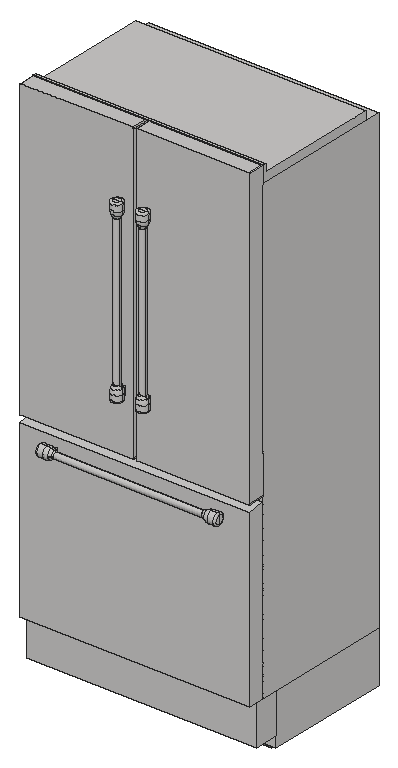
Revit family "DRF367500AP", category Specialty Equipment, Revit 2014
Parameters (values of type "DRF367500AP")
  iQ RemoteView™ Camera = "No"
  Width = 35 3/4"
  Volts (V) = "115"
  Unit = Stainless Steel
  Total Unit Gross Capacity (cu.ft.) - AHAM = "21.3 cu. ft."
  Support = Plastic-Black
  Special Modes = "Sabbath Mode"
  Shelf Material - Refrigerator = "Tempered Glass Shelves w/Metal Trim"
  Refrigerator Gross Capacity (cu.ft.) = "14.5 cu. ft."
  Refrigerator - Power Cool = "34°(1°)"
  Refrigerator = "34°(1°) to 44°(7°)"
  Push-To-Open™ Door Assist = "No"
  Precise Cooling = "Frost-Free"
  Power Cord Length (in.) = "78 3/4"
  Power Cool - Refrigerator = "Yes"
  Plug Type = "120 V, 3 Prong"
  Panel Ready = "Yes"
  Model = "DRF367500AP"
  Manufacturer = "Dacor"
  Lighting = "3DLighting™"
  Internal Water Dispenser = "Yes"
  Interior Material = "SteelCool™ Stainless Steel Interior"
  Icemaker = "Dual Icemaker for Standard and Cocktail Ice™"
  Height = 83 3/8"
  Handle = Stainless Steel
  Full Width Shelves - Refrigerator = "2 ea"
  Full Extension Drawers at 90º Door Opening Angle = "Yes"
  FreshZone™ Drawer = "Yes - Cheese (37°) / Cold Drinks (33°) / Meat (29°)"
  Frequency (Hz) = "60"
  Freezer Gross Capacity (cu.ft.) = "6.8 cu. ft."
  Freezer Drawers = "2 ea"
  Feezer - Power Freeze = "-8°(-23°)"
  Feezer = "5°(-15°) to -8° (-23°)"
  ENERGY STAR® Qualified = "Yes"
  Double Cooling (2 evaporators, 1 compressor) = "Yes"
  Door Open Alarm = "Yes"
  Door Bins -Refrigerator = "6 ea"
  Door = Stainless Steel
  Description = "36-INCH FRENCH DOOR BOTTOM FREEZER"
  Depth = 25"
  Deodorizing Filter = "Yes"
  Defrost Process - Freezer = "Yes"
  Current (A) = "6.0"
  Crisper Drawers = "2 ea"
  Annual Energy Consumption = "549 kWh/year"
  Adjustable Shelves - Refrigerator = "2 ea"
Reference planes (in)
  plane 1 "Center (Front/Back)": y = 0
  plane 2: z = 0
  plane 3 "Center (Left/Right)": x = 0
  plane 4: y = 12.5
  plane 5: y = -12.5
  plane 6: x = -17.875
  plane 7: x = 17.875
  plane 8: z = 83.375
  plane 9: y = -10
  plane 10: y = -14.375
  plane 11: z = 80.75
  plane 12: z = 1
  plane 13: z = 9
  plane 14: z = 36
  plane 15: z = 37.125
Forms (in)
  Extrusion 1, solid, material "Stainless Steel" <- "Unit"
    sketch origin (0, 0, 0) x (1, 0, 0) y (0, 1, 0)
      loop
        line (-17.875, -10) -> (-17.125, -10) -> (-17.125, 11.75) -> (17.125, 11.75) -> (17.125, -10) -> (17.875, -10) -> (17.875, 12.5) -> (-17.875, 12.5) -> (-17.875, -10)
    from 9 to 80.75
  Extrusion 2, solid, material "Stainless Steel" <- "Door"
    sketch origin (0, 0, 0) x (1, 0, 0) y (0, 1, 0)
      loop
        line (-17.875, -10) -> (-17.875, -12.5) -> (17.875, -12.5) -> (17.875, -10) -> (-17.875, -10)
    from 9 to 36
  Extrusion 3, solid, material "Stainless Steel" <- "Door"
    sketch origin (0, 0, 0) x (1, 0, 0) y (0, 0, 1)
      loop
        arc (-17.76329, 83.375) -> (-17.84228, 83.34228) -> (-17.875, 83.26329) r 0.11171
        line (-17.875, 83.26329) -> (-17.875, 37.23828)
        arc (-17.875, 37.23828) -> (-17.84182, 37.15818) -> (-17.76172, 37.125) r 0.11328
        line (-17.76172, 37.125) -> (-0.36017, 37.125)
        arc (-0.36017, 37.125) -> (-0.28007, 37.15818) -> (-0.24689, 37.23828) r 0.11328
        line (-0.24689, 37.23828) -> (-0.24689, 83.26172)
        arc (-0.24689, 83.26172) -> (-0.28007, 83.34182) -> (-0.36017, 83.375) r 0.11328
        line (-0.36017, 83.375) -> (-17.76329, 83.375)
      loop
        line (17.76172, 83.375) -> (0.36639, 83.375)
        arc (0.36639, 83.375) -> (0.28629, 83.34182) -> (0.25311, 83.26172) r 0.11328
        line (0.25311, 83.26172) -> (0.25311, 37.23828)
        arc (0.25311, 37.23828) -> (0.28629, 37.15818) -> (0.36639, 37.125) r 0.11328
        line (0.36639, 37.125) -> (17.76172, 37.125)
        arc (17.76172, 37.125) -> (17.84182, 37.15818) -> (17.875, 37.23828) r 0.11328
        line (17.875, 37.23828) -> (17.875, 83.26172)
        arc (17.875, 83.26172) -> (17.84182, 83.34182) -> (17.76172, 83.375) r 0.11328
    from 10 to 12.5
  Extrusion 4, solid, material "Stainless Steel" <- "Door"
    sketch origin (0, 0, 0) x (0, 1, 0) y (0, 0, 1)
      loop
        line (-12.5, 36) -> (-10, 36) -> (-10, 36.44082) -> (-12.5, 36)
    from -17.875 to 17.875
  Extrusion 5, solid, material "Stainless Steel" <- "Unit"
    sketch origin (0, 0, 0) x (0, 1, 0) y (0, 0, 1)
      loop
        line (-11.25, 9) -> (-11.25, 2.75) -> (-7.5, 2.75) -> (-7.5, 9) -> (-11.25, 9)
    from -17.875 to 17.875
  Extrusion 6, solid, material "Stainless Steel" <- "Unit"
    sketch origin (0, 0, 0) x (0, 1, 0) y (0, 0, 1)
      loop
        line (12.5, 9) -> (-7.5, 9) -> (-7.5, 1) -> (12.5, 1) -> (12.5, 9)
    from -17.875 to 17.875
  Extrusion 7, solid, material "Stainless Steel" <- "Unit"
    sketch origin (0, 0, 80.75) x (1, 0, 0) y (0, 1, 0)
      loop
        line (-17.125, 11.75) -> (-17.125, -10) -> (17.125, -10) -> (17.125, 11.75) -> (-17.125, 11.75)
    from 0 to -1.33266
  Extrusion 8, solid, material "Stainless Steel" <- "Unit"
    sketch origin (0, 0, 0) x (0, 1, 0) y (0, 0, 1)
      loop
        line (-10, 80.75) -> (10, 80.75) -> (10, 82.25) -> (-9.5, 82.25) -> (-9.5, 83.375) -> (-10, 83.375) -> (-10, 80.75)
    from -17.875 to 17.875
  Revolve 9, solid, material "Stainless Steel" <- "Handle"
    sketch origin (0, -13.5, -4.5) x (1, 0, 0) y (0, 0, 1)
      loop
        line (-2.0006, 77.58602) -> (-2.0006, 75.08602) -> (-1.84902, 75.08602)
        arc (-1.84902, 75.08602) -> (-1.62864, 75.15026) -> (-1.47729, 75.32284) r 0.41016
        line (-1.47729, 75.32284) -> (-1.27086, 75.76553)
        arc (-1.27086, 75.76553) -> (-1.15922, 76.0944) -> (-1.12141, 76.43964) r 1.59509
        line (-1.12141, 76.43964) -> (-1.12141, 77.33602)
        arc (-1.12141, 77.33602) -> (-1.19463, 77.5128) -> (-1.37141, 77.58602) r 0.25
        line (-1.37141, 77.58602) -> (-2.0006, 77.58602)
      axis (-2.0006, 75.08602) -> (-2.0006, 77.58602)
    angle from 0 to 360
  Revolve 10, solid, material "Stainless Steel" <- "Handle"
    sketch origin (0, -13.5, 122.75) x (1, 0, 0) y (0, 0, 1)
      loop
        line (-2.0006, -77.58602) -> (-1.37141, -77.58602)
        arc (-1.37141, -77.58602) -> (-1.19463, -77.5128) -> (-1.12141, -77.33602) r 0.25
        line (-1.12141, -77.33602) -> (-1.12141, -76.43964)
        arc (-1.12141, -76.43964) -> (-1.15922, -76.0944) -> (-1.27086, -75.76553) r 1.59509
        line (-1.27086, -75.76553) -> (-1.47729, -75.32284)
        arc (-1.47729, -75.32284) -> (-1.62864, -75.15026) -> (-1.84902, -75.08602) r 0.41016
        line (-1.84902, -75.08602) -> (-2.0006, -75.08602) -> (-2.0006, -77.58602)
      axis (-2.0006, -75.08602) -> (-2.0006, -77.58602)
    angle from 0 to 360
  Extrusion 11, solid, material "Stainless Steel" <- "Handle"
    sketch origin (0, -0.25, 0) x (1, 0, 0) y (0, 1, 0)
      loop
        circle (-2.00817, -13.25625) r 0.46319
    from 46.82613 to 71.63397
  Extrusion 12, solid, material "Stainless Steel" <- "Handle"
    sketch origin (0, 0, 0) x (1, 0, 0) y (0, 0, 1)
      loop
        line (-2.3604, 72.63576) -> (-2.3604, 71.13576) -> (-1.70334, 71.13576) -> (-1.70334, 72.63576) -> (-2.3604, 72.63576)
      loop
        line (-2.37295, 46.94841) -> (-2.37295, 45.44841) -> (-1.62295, 45.44841) -> (-1.62295, 46.94841) -> (-2.37295, 46.94841)
    from 11.84433 to 13.25
  Revolve 13, solid, material "Stainless Steel" <- "Handle"
    sketch origin (0, -13.5, -4.5) x (-1, 0, 0) y (0, 0, -1)
      loop
        line (-2.0006, -77.58602) -> (-1.37141, -77.58602)
        arc (-1.37141, -77.58602) -> (-1.19463, -77.5128) -> (-1.12141, -77.33602) r 0.25
        line (-1.12141, -77.33602) -> (-1.12141, -76.43964)
        arc (-1.12141, -76.43964) -> (-1.15922, -76.0944) -> (-1.27086, -75.76553) r 1.59509
        line (-1.27086, -75.76553) -> (-1.47729, -75.32284)
        arc (-1.47729, -75.32284) -> (-1.62864, -75.15026) -> (-1.84902, -75.08602) r 0.41016
        line (-1.84902, -75.08602) -> (-2.0006, -75.08602) -> (-2.0006, -77.58602)
      axis (-2.0006, -75.08602) -> (-2.0006, -77.58602)
    angle from 0 to 360
  Revolve 14, solid, material "Stainless Steel" <- "Handle"
    sketch origin (0, -13.5, 122.75) x (-1, 0, 0) y (0, 0, -1)
      loop
        line (-2.0006, 77.58602) -> (-2.0006, 75.08602) -> (-1.84902, 75.08602)
        arc (-1.84902, 75.08602) -> (-1.62864, 75.15026) -> (-1.47729, 75.32284) r 0.41016
        line (-1.47729, 75.32284) -> (-1.27086, 75.76553)
        arc (-1.27086, 75.76553) -> (-1.15922, 76.0944) -> (-1.12141, 76.43964) r 1.59509
        line (-1.12141, 76.43964) -> (-1.12141, 77.33602)
        arc (-1.12141, 77.33602) -> (-1.19463, 77.5128) -> (-1.37141, 77.58602) r 0.25
        line (-1.37141, 77.58602) -> (-2.0006, 77.58602)
      axis (-2.0006, 75.08602) -> (-2.0006, 77.58602)
    angle from 0 to 360
  Extrusion 15, solid, material "Stainless Steel" <- "Handle"
    sketch origin (0, -0.25, 0) x (-1, 0, 0) y (0, -1, 0)
      loop
        circle (-2.00817, 13.25625) r 0.46319
    from 46.82613 to 71.63397
  Extrusion 16, solid, material "Stainless Steel" <- "Handle"
    sketch origin (0, 0, 0) x (-1, 0, 0) y (0, 0, -1)
      loop
        line (-2.3604, -72.63576) -> (-1.70334, -72.63576) -> (-1.70334, -71.13576) -> (-2.3604, -71.13576) -> (-2.3604, -72.63576)
      loop
        line (-2.37295, -46.94841) -> (-1.62295, -46.94841) -> (-1.62295, -45.44841) -> (-2.37295, -45.44841) -> (-2.37295, -46.94841)
    from 11.84433 to 13.25
  Revolve 17, solid, material "Stainless Steel" <- "Handle"
    sketch origin (-63.67074, -13.5, 36.1256) x (0, 0, 1) y (-1, 0, 0)
      loop
        line (-2.0006, -77.58602) -> (-1.37141, -77.58602)
        arc (-1.37141, -77.58602) -> (-1.19463, -77.5128) -> (-1.12141, -77.33602) r 0.25
        line (-1.12141, -77.33602) -> (-1.12141, -76.43964)
        arc (-1.12141, -76.43964) -> (-1.15922, -76.0944) -> (-1.27086, -75.76553) r 1.59509
        line (-1.27086, -75.76553) -> (-1.47729, -75.32284)
        arc (-1.47729, -75.32284) -> (-1.62864, -75.15026) -> (-1.84902, -75.08602) r 0.41016
        line (-1.84902, -75.08602) -> (-2.0006, -75.08602) -> (-2.0006, -77.58602)
      axis (-2.0006, -75.08602) -> (-2.0006, -77.58602)
    angle from 0 to 360
  Revolve 18, solid, material "Stainless Steel" <- "Handle"
    sketch origin (63.57926, -13.5, 36.1256) x (0, 0, 1) y (-1, 0, 0)
      loop
        line (-2.0006, 77.58602) -> (-2.0006, 75.08602) -> (-1.84902, 75.08602)
        arc (-1.84902, 75.08602) -> (-1.62864, 75.15026) -> (-1.47729, 75.32284) r 0.41016
        line (-1.47729, 75.32284) -> (-1.27086, 75.76553)
        arc (-1.27086, 75.76553) -> (-1.15922, 76.0944) -> (-1.12141, 76.43964) r 1.59509
        line (-1.12141, 76.43964) -> (-1.12141, 77.33602)
        arc (-1.12141, 77.33602) -> (-1.19463, 77.5128) -> (-1.37141, 77.58602) r 0.25
        line (-1.37141, 77.58602) -> (-2.0006, 77.58602)
      axis (-2.0006, 75.08602) -> (-2.0006, 77.58602)
    angle from 0 to 360
  Extrusion 19, solid, material "Stainless Steel" <- "Handle"
    sketch origin (-59.17074, -0.25, 36.1256) x (0, 0, 1) y (0, -1, 0)
      loop
        circle (-2.00817, 13.25625) r 0.46319
    from 46.82613 to 71.63397
  Extrusion 20, solid, material "Stainless Steel" <- "Handle"
    sketch origin (-59.17074, 0, 36.1256) x (0, 0, 1) y (-1, 0, 0)
      loop
        line (-2.3604, -72.63576) -> (-1.70334, -72.63576) -> (-1.70334, -71.13576) -> (-2.3604, -71.13576) -> (-2.3604, -72.63576)
      loop
        line (-2.37295, -46.94841) -> (-1.62295, -46.94841) -> (-1.62295, -45.44841) -> (-2.37295, -45.44841) -> (-2.37295, -46.94841)
    from 11.84433 to 13.25
  Extrusion 21, solid, material "Plastic-Black" <- "Support"
    sketch origin (0, 0, 0) x (1, 0, 0) y (0, 1, 0)
      loop
        line (-16.34892, 10.88744) -> (-16.34892, 6.88744) -> (-12.34892, 6.88744) -> (-12.34892, 10.88744) -> (-16.34892, 10.88744)
      loop
        line (16.34892, 10.88744) -> (12.34892, 10.88744) -> (12.34892, 6.88744) -> (16.34892, 6.88744) -> (16.34892, 10.88744)
      loop
        line (16.34892, -6.38744) -> (16.34892, -2.38744) -> (12.34892, -2.38744) -> (12.34892, -6.38744) -> (16.34892, -6.38744)
      loop
        line (-16.34892, -6.38744) -> (-12.34892, -6.38744) -> (-12.34892, -2.38744) -> (-16.34892, -2.38744) -> (-16.34892, -6.38744)
    from 0 to 1
Cuts and joins
  joined: Extrusion 2, Extrusion 4
  joined: Extrusion 1, Extrusion 7
  joined: Revolve 9, Revolve 10, Extrusion 12
Dimensions and locks (in)
  equal spacing: plane 6, plane 3 "Center (Left/Right)", plane 7
  "Width": plane 6 to plane 7
  equal spacing: plane 4, plane 1 "Center (Front/Back)", plane 5
  "Depth": plane 4 to plane 5
  "Height": plane 8 to plane 2
  plane 4 to plane 9 = 22 1/2"
  plane 5 to plane 10 = 1 7/8"
  locked: plane 11 to plane 12 at 79.75
  plane 13 to plane 12 = 8"
  plane 12 to plane 13 = 8"
  plane 14 to plane 13 = 27"
  plane 15 to plane 14 = 1 1/8"
  Extrusion 8 to Extrusion 8 = 35 3/4"
  cut or joined group of Extrusion 2, Extrusion 4 to Extrusion 6 = 25"
  Extrusion 3 to Extrusion 21 = 83 3/8"
  aligned and locked: level to plane 2
Automatic sketch dimensions
  Extrusion 1 sketch curve to plane 6 = 0"
  Extrusion 1 sketch curve to plane 9 = 0"  (x2)
  Extrusion 1 sketch curve to plane 7 = 0"
  Extrusion 1 sketch curve to plane 4 = 0"
  Extrusion 1 sketch curve to Extrusion 1 sketch curve = 3/4"
  Extrusion 1 sketch curve to plane 7 = 3/4"
  Extrusion 1 sketch curve to plane 4 = 3/4"
  Extrusion 2 sketch curve to plane 5 = 0"
  Extrusion 2 sketch curve to plane 6 = 0"
  Extrusion 2 sketch curve to plane 7 = 0"
  Extrusion 2 sketch curve to plane 9 = 0"
  Extrusion 3 sketch curve to plane 6 = 0"
  Extrusion 3 sketch curve to plane 8 = 0"  (x2)
  Extrusion 3 sketch curve to plane 15 = 0"  (x2)
  Extrusion 3 sketch curve to plane 7 = 0"
  plane 6 to Extrusion 3 sketch curve = 0.11171"
  Extrusion 3 sketch curve to Extrusion 3 sketch curve = 29/256"  (x4)
  Extrusion 3 sketch curve to plane 3 "Center (Left/Right)" = 0.36017"  (x2)
  plane 15 to Extrusion 3 sketch curve = 29/256"
  plane 3 "Center (Left/Right)" to Extrusion 3 sketch curve = 0.25311"
  Extrusion 3 sketch curve to plane 7 = 29/256"
  Extrusion 5 sketch curve to plane 13 = 0"
  plane 5 to Extrusion 5 sketch curve = 1 1/4"
  plane 9 to Extrusion 5 sketch curve = 2 1/2"
  plane 12 to Extrusion 5 sketch curve = 1 3/4"
  Extrusion 6 sketch curve to plane 13 = 0"
  Extrusion 6 sketch curve to plane 12 = 0"
  Extrusion 6 sketch curve to plane 4 = 0"
  plane 9 to Extrusion 6 sketch curve = 2 1/2"
  Extrusion 1 to Extrusion 7 sketch curve = 0"  (x2)
  Extrusion 7 sketch curve to Extrusion 1 = 0"  (x2)
  Revolve 9 sketch curve to plane 3 "Center (Left/Right)" = 2.71649"
  Revolve 9 sketch curve to Revolve 9 sketch curve = 0.71589"  (x2)
  Revolve 9 sketch curve to Revolve 9 sketch curve = 0.15159"
  Revolve 9 sketch curve to Revolve 9 sketch curve = 0.37173"
  Revolve 9 sketch curve to Revolve 9 sketch curve = 0.62919"
  Revolve 9 sketch curve to Revolve 9 sketch curve = 0.20643"
  Revolve 9 sketch curve to Revolve 9 sketch curve = 0.14945"
  Revolve 9 sketch curve to plane 11 = 10.16398"
  Revolve 9 sketch curve to Revolve 9 sketch curve = 0.23682"
  Revolve 9 sketch curve to Revolve 9 sketch curve = 0.44269"
  Revolve 9 sketch curve to Revolve 9 sketch curve = 0.89638"
  Revolve 9 sketch curve to Revolve 9 sketch curve = 0.14638"
  Revolve 9 sketch curve to Revolve 9 sketch curve = 0.43406"
  Revolve 10 sketch curve to plane 3 "Center (Left/Right)" = 2.71649"
  Revolve 10 sketch curve to Revolve 10 sketch curve = 0.71589"  (x2)
  Revolve 10 sketch curve to Revolve 10 sketch curve = 0.15159"
  Revolve 10 sketch curve to Revolve 10 sketch curve = 0.37173"
  Revolve 10 sketch curve to Revolve 10 sketch curve = 0.62919"
  Revolve 10 sketch curve to Revolve 10 sketch curve = 0.20643"
  Revolve 10 sketch curve to Revolve 10 sketch curve = 0.14945"
  plane 15 to Revolve 10 sketch curve = 8.03898"
  Revolve 10 sketch curve to Revolve 10 sketch curve = 1.14638"
  Revolve 10 sketch curve to Revolve 10 sketch curve = 0.26935"
  Revolve 10 sketch curve to Revolve 10 sketch curve = 0.17334"
  Revolve 10 sketch curve to Revolve 10 sketch curve = 0.56594"
  Revolve 10 sketch curve to Revolve 10 sketch curve = 0.43406"
  Extrusion 11 sketch curve to plane 10 = 0.86875"
  Extrusion 11 sketch curve to plane 3 "Center (Left/Right)" = 2.00817"
  Extrusion 12 sketch curve to plane 3 "Center (Left/Right)" = 2.37295"
  Extrusion 12 sketch curve to plane 3 "Center (Left/Right)" = 2.3604"
  Extrusion 12 sketch curve to Extrusion 12 sketch curve = 0.65706"
  Extrusion 12 sketch curve to Extrusion 12 sketch curve = 3/4"
  plane 15 to Extrusion 12 sketch curve = 8.32341"
  Extrusion 12 sketch curve to Extrusion 12 sketch curve = 1 1/2"  (x2)
  Extrusion 12 sketch curve to plane 11 = 9.61424"
  plane 3 "Center (Left/Right)" to Revolve 13 sketch curve = 2.71649"
  Revolve 13 sketch curve to Revolve 13 sketch curve = 0.71589"  (x2)
  Revolve 13 sketch curve to Revolve 13 sketch curve = 0.15159"
  Revolve 13 sketch curve to Revolve 13 sketch curve = 0.37173"
  Revolve 13 sketch curve to Revolve 13 sketch curve = 0.62919"
  Revolve 13 sketch curve to Revolve 13 sketch curve = 0.20643"
  Revolve 13 sketch curve to Revolve 13 sketch curve = 0.14945"
  Revolve 13 sketch curve to plane 11 = 7.66398"
  Revolve 13 sketch curve to Revolve 13 sketch curve = 1.14638"
  Revolve 13 sketch curve to Revolve 13 sketch curve = 0.26935"
  Revolve 13 sketch curve to Revolve 13 sketch curve = 0.17334"
  Revolve 13 sketch curve to Revolve 13 sketch curve = 0.56594"
  Revolve 13 sketch curve to Revolve 13 sketch curve = 0.43406"
  plane 3 "Center (Left/Right)" to Revolve 14 sketch curve = 2.71649"
  Revolve 14 sketch curve to Revolve 14 sketch curve = 0.71589"  (x2)
  Revolve 14 sketch curve to Revolve 14 sketch curve = 0.15159"
  Revolve 14 sketch curve to Revolve 14 sketch curve = 0.37173"
  Revolve 14 sketch curve to Revolve 14 sketch curve = 0.62919"
  Revolve 14 sketch curve to Revolve 14 sketch curve = 0.20643"
  Revolve 14 sketch curve to Revolve 14 sketch curve = 0.14945"
  plane 15 to Revolve 14 sketch curve = 10.53898"
  Revolve 14 sketch curve to Revolve 14 sketch curve = 0.23682"
  Revolve 14 sketch curve to Revolve 14 sketch curve = 0.44269"
  Revolve 14 sketch curve to Revolve 14 sketch curve = 0.89638"
  Revolve 14 sketch curve to Revolve 14 sketch curve = 0.14638"
  Revolve 14 sketch curve to Revolve 14 sketch curve = 0.43406"
  plane 10 to Extrusion 15 sketch curve = 0.86875"
  Extrusion 15 sketch curve to plane 3 "Center (Left/Right)" = 2.00817"
  plane 3 "Center (Left/Right)" to Extrusion 16 sketch curve = 2.37295"
  plane 3 "Center (Left/Right)" to Extrusion 16 sketch curve = 2.3604"
  Extrusion 16 sketch curve to Extrusion 16 sketch curve = 0.65706"
  Extrusion 16 sketch curve to Extrusion 16 sketch curve = 3/4"
  Extrusion 16 sketch curve to plane 11 = 8.11424"
  Extrusion 16 sketch curve to Extrusion 16 sketch curve = 1 1/2"  (x2)
  plane 15 to Extrusion 16 sketch curve = 9.82341"
  Revolve 17 sketch curve to plane 14 = 2.59089"
  Revolve 17 sketch curve to Revolve 17 sketch curve = 0.71589"  (x2)
  Revolve 17 sketch curve to Revolve 17 sketch curve = 0.15159"
  Revolve 17 sketch curve to Revolve 17 sketch curve = 0.37173"
  Revolve 17 sketch curve to Revolve 17 sketch curve = 0.62919"
  Revolve 17 sketch curve to Revolve 17 sketch curve = 0.20643"
  Revolve 17 sketch curve to Revolve 17 sketch curve = 0.14945"
  Revolve 17 sketch curve to plane 7 = 3.95972"
  Revolve 17 sketch curve to Revolve 17 sketch curve = 1.14638"
  Revolve 17 sketch curve to Revolve 17 sketch curve = 0.26935"
  Revolve 17 sketch curve to Revolve 17 sketch curve = 0.17334"
  Revolve 17 sketch curve to Revolve 17 sketch curve = 0.56594"
  Revolve 17 sketch curve to Revolve 17 sketch curve = 0.43406"
  Revolve 18 sketch curve to plane 14 = 2.59089"
  Revolve 18 sketch curve to Revolve 18 sketch curve = 0.71589"  (x2)
  Revolve 18 sketch curve to Revolve 18 sketch curve = 0.15159"
  Revolve 18 sketch curve to Revolve 18 sketch curve = 0.37173"
  Revolve 18 sketch curve to Revolve 18 sketch curve = 0.62919"
  Revolve 18 sketch curve to Revolve 18 sketch curve = 0.20643"
  Revolve 18 sketch curve to Revolve 18 sketch curve = 0.14945"
  plane 6 to Revolve 18 sketch curve = 6.36824"
  Revolve 18 sketch curve to Revolve 18 sketch curve = 0.23682"
  Revolve 18 sketch curve to Revolve 18 sketch curve = 0.44269"
  Revolve 18 sketch curve to Revolve 18 sketch curve = 0.89638"
  Revolve 18 sketch curve to Revolve 18 sketch curve = 0.14638"
  Revolve 18 sketch curve to Revolve 18 sketch curve = 0.43406"
  Extrusion 19 sketch curve to plane 10 = 0.86875"
  Extrusion 19 sketch curve to plane 14 = 1.88257"
  Extrusion 20 sketch curve to plane 14 = 2.24735"
  Extrusion 20 sketch curve to plane 14 = 2.2348"
  Extrusion 20 sketch curve to Extrusion 20 sketch curve = 0.65706"
  Extrusion 20 sketch curve to Extrusion 20 sketch curve = 3/4"
  Extrusion 20 sketch curve to plane 7 = 4.40998"
  Extrusion 20 sketch curve to Extrusion 20 sketch curve = 1 1/2"  (x2)
  plane 6 to Extrusion 20 sketch curve = 5.65268"
  plane 6 to Extrusion 21 sketch curve = 1.52608"  (x2)
  Extrusion 21 sketch curve to plane 4 = 1.61256"  (x2)
  Extrusion 21 sketch curve to Extrusion 21 sketch curve = 4"  (x5)
  Extrusion 21 sketch curve to plane 7 = 5.52608"  (x2)
  plane 9 to Extrusion 21 sketch curve = 3.61256"  (x2)
  Extrusion 21 sketch curve to plane 7 = 1.52608"  (x2)
  Extrusion 21 sketch curve to plane 4 = 5.61256"
  Extrusion 4 sketch curve to plane 5 = 0"
  Extrusion 4 sketch curve to plane 9 = 0"
  Extrusion 4 sketch curve to plane 14 = 0"
  Extrusion 4 sketch curve to Extrusion 4 sketch curve = 0.44082"
  Extrusion 8 sketch curve to plane 9 = 0"
  Extrusion 8 sketch curve to plane 11 = 0"
  Extrusion 8 sketch curve to plane 8 = 1 1/8"
  Extrusion 8 sketch curve to plane 4 = 2 1/2"
  Extrusion 8 sketch curve to plane 8 = 0"
  Extrusion 8 sketch curve to Extrusion 8 sketch curve = 1/2"
  radius of Extrusion 11 sketch curve = 0.46319"
  radius of Extrusion 15 sketch curve = 0.46319"
  radius of Extrusion 19 sketch curve = 0.46319"
